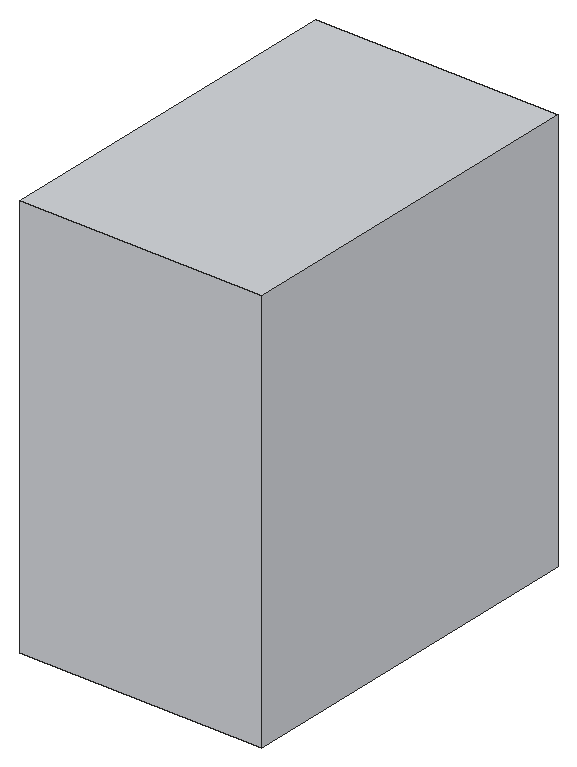
Revit family
Parameters
  Warranty Duration (Years) = 0
  Unit Width [instance] = 1' - 5 1/4"
  Unit Height [instance] = 4' - 6"
  Unit Depth = 0' - 0 15/16"
  URL = "http://www.americanspecialties.com/viewCategories.cfm"
  Trim Material = Metal - Stainless Steel
  Test Data = ""
  Specification = "http://www.arcat.com/sdspecs/htm/10810asi.htm"
  SpecWizard = ""
  Send Message = "http://www.arcat.com/users.pl?action=UserEmail&company=American%20Specialties,%20Inc.&coid=30448&rep=139&fax=914-476-0688&mf="
  Sales Information = "http://www.americanspecialties.com/contact"
  Revision = "R1_10-2010"
  Product Properties = "http://www.americanspecialties.com/datasheets/9462.pdf"
  Product Data = "http://www.arcat.com/arcatcos/cos30/arc30448.html"
  Model = "As Specified in 10 28 13"
  Manufacturer Website = "http://www.americanspecialties.com/viewCategories.cfm"
  Manufacturer Phone - Toll Free = ""
  Manufacturer Phone = "914-476-9000 "
  Manufacturer Fax = "914-476-0688"
  Manufacturer Address = "441 Saw Mill River Rd., Yonkers, NY 10701"
  Manufacturer = "American Specialties, Inc."
  Maintenance Schedule (Months) = 0
  Keynote = "10 28 13"
  Installation-Fabrication = "http://www.americanspecialties.com/products.cfm"
  Green Building-LEED = ""
  Expected Lifespan (Years) = 0
  Drawn By = "Robert S. Weygant. CSI, CDT, SCIP"  # constant formula
  Description = "Toilet Accessory as Specified in 10 28 13"
  Default Elevation = 4' - 0"
  Copyright = "©Arcat Inc."
  Construction Details = "http://www.arcat.com/green/clients/leed_data_30448.html"
  Building Codes = "http://www.americanspecialties.com/products.cfm"
  Body Material = Metal - Stainless Steel
  Assembly Code = "C1030210"
Reference planes (in)
  plane 1 "Center (Front/Back)": y = -0.29112
  plane 2 "Floor Line": z = 0
  plane 3 "Center (Left/Right)": x = -0.65843
Forms (in)
  Extrusion 1, solid
    sketch origin (-3, -9, -6) x (0, 0, -1) y (1, 0, 0)
      loop
        line (-82, 26) -> (-82, -19.34712) -> (-6, -19.34712) -> (-6, 26) -> (-82, 26)
    from 28.29112 to -41.06337
  Extrusion 2, solid, material "Metal - Stainless Steel" <- "Body Material"
    sketch origin (0, 0, 0) x (1, 0, 0) y (0, 1, 0)
      loop
        line (-8.28343, 25.70888) -> (-8.28343, -26.29112) -> (6.96657, -26.29112) -> (6.96657, 25.70888) -> (-8.28343, 25.70888)
    from 0 to -6
  Extrusion 3, solid, material "Metal - Stainless Steel" <- "Body Material"
    sketch origin (-0.90625, -0.29112, 0) x (1, 0, 0) y (0, 0, 1)
      loop
        line (-8.37718, 0) -> (8.87282, 0) -> (8.87282, 0.1875)
        arc (8.87282, 0.1875) -> (8.65315, 0.71783) -> (8.12282, 0.9375) r 0.75
        line (8.12282, 0.9375) -> (-7.62718, 0.9375)
        arc (-7.62718, 0.9375) -> (-8.15751, 0.71783) -> (-8.37718, 0.1875) r 0.75
        line (-8.37718, 0.1875) -> (-8.37718, 0)
    from -27 to 27
  Extrusion 4, void
    sketch origin (-0.65843, 0, 0) x (0, 1, 0) y (0, 0, 1)
      loop
        line (6.20888, -5.96875) -> (8.70888, 0) -> (8.70888, 0.9375) -> (-2.29112, 0.9375) -> (-2.29112, -5.96875) -> (6.20888, -5.96875)
    from -7.60938 to 7.60938
  Extrusion 5, void
    sketch origin (-0.65843, 0, 0) x (0, 1, 0) y (0, 0, 1)
      loop
        line (-2.29112, -0.03125) -> (-26.25987, -0.03125) -> (-26.25987, -5.96875) -> (-2.29112, -5.96875) -> (-2.29112, -0.03125)
    from -7.60938 to 7.60938
  Extrusion 6, void
    sketch origin (-34, 0.67165, 1.95382) x (1, 0, 0) y (0, 0.395244, 0.918576)
      loop
        line (28.09288, -1.93126) -> (28.85535, -1.93126)
        arc (28.85535, -1.93126) -> (33.22411, -2.34853) -> (37.59288, -1.93126) r 23.07885
        line (37.59288, -1.93126) -> (38.36783, -1.93126)
        arc (38.36783, -1.93126) -> (38.54891, -1.67833) -> (38.35535, -1.43482) r 0.2582
        line (38.35535, -1.43482) -> (37.60535, -1.43482)
        arc (37.60535, -1.43482) -> (33.23035, -0.48426) -> (28.85535, -1.43482) r 10.54338
        line (28.85535, -1.43482) -> (28.10535, -1.43482)
        arc (28.10535, -1.43482) -> (27.91179, -1.67833) -> (28.09288, -1.93126) r 0.2582
    from -8.41971 to -8.03425
  Extrusion 7, solid, material "Metal - Stainless Steel" <- "Trim Material"
    sketch origin (0, 0, 0) x (1, 0, 0) y (0, 1, 0)
      loop
        circle (-7.28343, -17.29112) r 0.5
      loop
        line (-7.34025, -16.87247) -> (-7.34025, -17.72198) -> (-7.22662, -17.72198) -> (-7.22662, -16.87247) -> (-7.34025, -16.87247)
      loop
        circle (-7.28343, 16.70888) r 0.5
      loop
        line (-7.34025, 16.29024) -> (-7.22662, 16.29024) -> (-7.22662, 17.13975) -> (-7.34025, 17.13975) -> (-7.34025, 16.29024)
    from 0.9375 to 1
  Extrusion 8, void
    sketch origin (0, 0, 0) x (1, 0, 0) y (0, 1, 0)
      loop
        line (-8.28343, 25.70888) -> (-8.28343, -26.25987) -> (6.95094, -26.25987) -> (6.95094, 25.70888) -> (-8.28343, 25.70888)
    from 0 to -6
Cuts and joins
  Extrusion 4, Extrusion 5, Extrusion 6 cuts Extrusion 2
  Extrusion 4 cuts Extrusion 3
Dimensions and locks (in)
  Extrusion 3 sketch curve to Extrusion 3 sketch curve = 1' - 5 1/4"
  Extrusion 3 sketch curve to Extrusion 3 sketch curve = 0' - 0 15/16"
  radius of Extrusion 3 sketch curve = 0' - 0 3/4"  (x2)
  aligned and locked: Extrusion 1 to level
